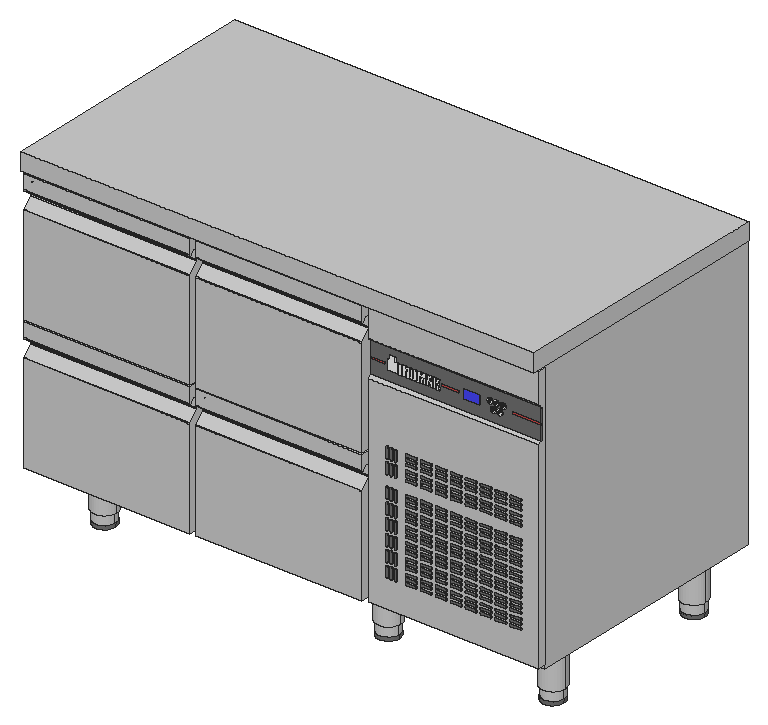
Revit family "QF_INOMAK_PNRP99_250611032759", category Specialty Equipment, Revit 2021 (continued)
Definition of nested family "QF_INOMAK_REF_COUNTERS_1345_2920"
  Definition of nested family "QF_INOMAK_CONRTOL-PANEL"
    Forms (mm)
      Extrusion 1, solid
        sketch origin (-2240, -700, 0) x (-1, 0, 0) y (0, 0, 1)
          loop
            line (-1933.4, 210.855) -> (-1957.4, 210.855)
          loop
            arc (-1918.4, 210.855) -> (-1921.4, 207.855) -> (-1918.4, 204.855) r 3
            line (-1918.4, 204.855) -> (-1894.4, 204.855)
            arc (-1894.4, 204.855) -> (-1891.4, 207.855) -> (-1894.4, 210.855) r 3
            line (-1894.4, 210.855) -> (-1918.4, 210.855)
          loop
            arc (-2191.4, 199.855) -> (-2194.4, 196.855) -> (-2191.4, 193.855) r 3
            line (-2191.4, 193.855) -> (-2167.4, 193.855)
            arc (-2167.4, 193.855) -> (-2164.4, 196.855) -> (-2167.4, 199.855) r 3
            line (-2167.4, 199.855) -> (-2191.4, 199.855)
          loop
            arc (-2152.4, 199.855) -> (-2155.4, 196.855) -> (-2152.4, 193.855) r 3
            line (-2152.4, 193.855) -> (-2128.4, 193.855)
            arc (-2128.4, 193.855) -> (-2125.4, 196.855) -> (-2128.4, 199.855) r 3
            line (-2128.4, 199.855) -> (-2152.4, 199.855)
          loop
            arc (-2113.4, 199.855) -> (-2116.4, 196.855) -> (-2113.4, 193.855) r 3
            line (-2113.4, 193.855) -> (-2089.4, 193.855)
            arc (-2089.4, 193.855) -> (-2086.4, 196.855) -> (-2089.4, 199.855) r 3
            line (-2089.4, 199.855) -> (-2113.4, 199.855)
          loop
            arc (-2074.4, 199.855) -> (-2077.4, 196.855) -> (-2074.4, 193.855) r 3
            line (-2074.4, 193.855) -> (-2050.4, 193.855)
            arc (-2050.4, 193.855) -> (-2047.4, 196.855) -> (-2050.4, 199.855) r 3
            line (-2050.4, 199.855) -> (-2074.4, 199.855)
          loop
            arc (-2035.4, 199.855) -> (-2038.4, 196.855) -> (-2035.4, 193.855) r 3
            line (-2035.4, 193.855) -> (-2011.4, 193.855)
            arc (-2011.4, 193.855) -> (-2008.4, 196.855) -> (-2011.4, 199.855) r 3
            line (-2011.4, 199.855) -> (-2035.4, 199.855)
          loop
            arc (-1996.4, 199.855) -> (-1999.4, 196.855) -> (-1996.4, 193.855) r 3
            line (-1996.4, 193.855) -> (-1972.4, 193.855)
            arc (-1972.4, 193.855) -> (-1969.4, 196.855) -> (-1972.4, 199.855) r 3
            line (-1972.4, 199.855) -> (-1996.4, 199.855)
          loop
            arc (-1957.4, 199.855) -> (-1960.4, 196.855) -> (-1957.4, 193.855) r 3
            line (-1957.4, 193.855) -> (-1933.4, 193.855)
            arc (-1933.4, 193.855) -> (-1930.4, 196.855) -> (-1933.4, 199.855) r 3
            line (-1933.4, 199.855) -> (-1957.4, 199.855)
          loop
            arc (-1918.4, 199.855) -> (-1921.4, 196.855) -> (-1918.4, 193.855) r 3
            line (-1918.4, 193.855) -> (-1894.4, 193.855)
            arc (-1894.4, 193.855) -> (-1891.4, 196.855) -> (-1894.4, 199.855) r 3
            line (-1894.4, 199.855) -> (-1918.4, 199.855)
          loop
            arc (-2191.4, 184.855) -> (-2194.4, 181.855) -> (-2191.4, 178.855) r 3
            line (-2191.4, 178.855) -> (-2167.4, 178.855)
            arc (-2167.4, 178.855) -> (-2164.4, 181.855) -> (-2167.4, 184.855) r 3
            line (-2167.4, 184.855) -> (-2191.4, 184.855)
          loop
            arc (-2152.4, 184.855) -> (-2155.4, 181.855) -> (-2152.4, 178.855) r 3
            line (-2152.4, 178.855) -> (-2128.4, 178.855)
            arc (-2128.4, 178.855) -> (-2125.4, 181.855) -> (-2128.4, 184.855) r 3
            line (-2128.4, 184.855) -> (-2152.4, 184.855)
          loop
            arc (-2113.4, 184.855) -> (-2116.4, 181.855) -> (-2113.4, 178.855) r 3
            line (-2113.4, 178.855) -> (-2089.4, 178.855)
            arc (-2089.4, 178.855) -> (-2086.4, 181.855) -> (-2089.4, 184.855) r 3
            line (-2089.4, 184.855) -> (-2113.4, 184.855)
          loop
            arc (-2074.4, 184.855) -> (-2077.4, 181.855) -> (-2074.4, 178.855) r 3
            line (-2074.4, 178.855) -> (-2050.4, 178.855)
            arc (-2050.4, 178.855) -> (-2047.4, 181.855) -> (-2050.4, 184.855) r 3
            line (-2050.4, 184.855) -> (-2074.4, 184.855)
          loop
            arc (-2035.4, 184.855) -> (-2038.4, 181.855) -> (-2035.4, 178.855) r 3
            line (-2035.4, 178.855) -> (-2011.4, 178.855)
            arc (-2011.4, 178.855) -> (-2008.4, 181.855) -> (-2011.4, 184.855) r 3
            line (-2011.4, 184.855) -> (-2035.4, 184.855)
          loop
            arc (-1996.4, 184.855) -> (-1999.4, 181.855) -> (-1996.4, 178.855) r 3
            line (-1996.4, 178.855) -> (-1972.4, 178.855)
            arc (-1972.4, 178.855) -> (-1969.4, 181.855) -> (-1972.4, 184.855) r 3
            line (-1972.4, 184.855) -> (-1996.4, 184.855)
          loop
            arc (-1957.4, 184.855) -> (-1960.4, 181.855) -> (-1957.4, 178.855) r 3
            line (-1957.4, 178.855) -> (-1933.4, 178.855)
            arc (-1933.4, 178.855) -> (-1930.4, 181.855) -> (-1933.4, 184.855) r 3
            line (-1933.4, 184.855) -> (-1957.4, 184.855)
          loop
            arc (-1918.4, 184.855) -> (-1921.4, 181.855) -> (-1918.4, 178.855) r 3
            line (-1918.4, 178.855) -> (-1894.4, 178.855)
            arc (-1894.4, 178.855) -> (-1891.4, 181.855) -> (-1894.4, 184.855) r 3
            line (-1894.4, 184.855) -> (-1918.4, 184.855)
          loop
            arc (-2191.4, 173.855) -> (-2194.4, 170.855) -> (-2191.4, 167.855) r 3
            line (-2191.4, 167.855) -> (-2167.4, 167.855)
            arc (-2167.4, 167.855) -> (-2164.4, 170.855) -> (-2167.4, 173.855) r 3
            line (-2167.4, 173.855) -> (-2191.4, 173.855)
          loop
            arc (-2152.4, 173.855) -> (-2155.4, 170.855) -> (-2152.4, 167.855) r 3
            line (-2152.4, 167.855) -> (-2128.4, 167.855)
            arc (-2128.4, 167.855) -> (-2125.4, 170.855) -> (-2128.4, 173.855) r 3
            line (-2128.4, 173.855) -> (-2152.4, 173.855)
          loop
            arc (-2113.4, 173.855) -> (-2116.4, 170.855) -> (-2113.4, 167.855) r 3
            line (-2113.4, 167.855) -> (-2089.4, 167.855)
            arc (-2089.4, 167.855) -> (-2086.4, 170.855) -> (-2089.4, 173.855) r 3
            line (-2089.4, 173.855) -> (-2113.4, 173.855)
          loop
            arc (-2074.4, 173.855) -> (-2077.4, 170.855) -> (-2074.4, 167.855) r 3
            line (-2074.4, 167.855) -> (-2050.4, 167.855)
            arc (-2050.4, 167.855) -> (-2047.4, 170.855) -> (-2050.4, 173.855) r 3
            line (-2050.4, 173.855) -> (-2074.4, 173.855)
          loop
            arc (-2035.4, 173.855) -> (-2038.4, 170.855) -> (-2035.4, 167.855) r 3
            line (-2035.4, 167.855) -> (-2011.4, 167.855)
            arc (-2011.4, 167.855) -> (-2008.4, 170.855) -> (-2011.4, 173.855) r 3
            line (-2011.4, 173.855) -> (-2035.4, 173.855)
          loop
            arc (-1996.4, 173.855) -> (-1999.4, 170.855) -> (-1996.4, 167.855) r 3
            line (-1996.4, 167.855) -> (-1972.4, 167.855)
            arc (-1972.4, 167.855) -> (-1969.4, 170.855) -> (-1972.4, 173.855) r 3
            line (-1972.4, 173.855) -> (-1996.4, 173.855)
          loop
            arc (-1957.4, 173.855) -> (-1960.4, 170.855) -> (-1957.4, 167.855) r 3
            line (-1957.4, 167.855) -> (-1933.4, 167.855)
            arc (-1933.4, 167.855) -> (-1930.4, 170.855) -> (-1933.4, 173.855) r 3
            line (-1933.4, 173.855) -> (-1957.4, 173.855)
          loop
            arc (-1918.4, 173.855) -> (-1921.4, 170.855) -> (-1918.4, 167.855) r 3
            line (-1918.4, 167.855) -> (-1894.4, 167.855)
            arc (-1894.4, 167.855) -> (-1891.4, 170.855) -> (-1894.4, 173.855) r 3
            line (-1894.4, 173.855) -> (-1918.4, 173.855)
          loop
            arc (-2191.4, 162.855) -> (-2194.4, 159.855) -> (-2191.4, 156.855) r 3
            line (-2191.4, 156.855) -> (-2167.4, 156.855)
            arc (-2167.4, 156.855) -> (-2164.4, 159.855) -> (-2167.4, 162.855) r 3
            line (-2167.4, 162.855) -> (-2191.4, 162.855)
          loop
            arc (-2152.4, 162.855) -> (-2155.4, 159.855) -> (-2152.4, 156.855) r 3
            line (-2152.4, 156.855) -> (-2128.4, 156.855)
            arc (-2128.4, 156.855) -> (-2125.4, 159.855) -> (-2128.4, 162.855) r 3
            line (-2128.4, 162.855) -> (-2152.4, 162.855)
          loop
            arc (-2113.4, 162.855) -> (-2116.4, 159.855) -> (-2113.4, 156.855) r 3
            line (-2113.4, 156.855) -> (-2089.4, 156.855)
            arc (-2089.4, 156.855) -> (-2086.4, 159.855) -> (-2089.4, 162.855) r 3
            line (-2089.4, 162.855) -> (-2113.4, 162.855)
          loop
            arc (-2074.4, 162.855) -> (-2077.4, 159.855) -> (-2074.4, 156.855) r 3
            line (-2074.4, 156.855) -> (-2050.4, 156.855)
            arc (-2050.4, 156.855) -> (-2047.4, 159.855) -> (-2050.4, 162.855) r 3
            line (-2050.4, 162.855) -> (-2074.4, 162.855)
          loop
            arc (-2035.4, 162.855) -> (-2038.4, 159.855) -> (-2035.4, 156.855) r 3
            line (-2035.4, 156.855) -> (-2011.4, 156.855)
            arc (-2011.4, 156.855) -> (-2008.4, 159.855) -> (-2011.4, 162.855) r 3
            line (-2011.4, 162.855) -> (-2035.4, 162.855)
          loop
            arc (-1996.4, 162.855) -> (-1999.4, 159.855) -> (-1996.4, 156.855) r 3
            line (-1996.4, 156.855) -> (-1972.4, 156.855)
            arc (-1972.4, 156.855) -> (-1969.4, 159.855) -> (-1972.4, 162.855) r 3
            line (-1972.4, 162.855) -> (-1996.4, 162.855)
          loop
            arc (-1957.4, 162.855) -> (-1960.4, 159.855) -> (-1957.4, 156.855) r 3
            line (-1957.4, 156.855) -> (-1933.4, 156.855)
            arc (-1933.4, 156.855) -> (-1930.4, 159.855) -> (-1933.4, 162.855) r 3
            line (-1933.4, 162.855) -> (-1957.4, 162.855)
          loop
            arc (-1918.4, 162.855) -> (-1921.4, 159.855) -> (-1918.4, 156.855) r 3
            line (-1918.4, 156.855) -> (-1894.4, 156.855)
            arc (-1894.4, 156.855) -> (-1891.4, 159.855) -> (-1894.4, 162.855) r 3
            line (-1894.4, 162.855) -> (-1918.4, 162.855)
          loop
            arc (-2191.4, 147.855) -> (-2194.4, 144.855) -> (-2191.4, 141.855) r 3
            line (-2191.4, 141.855) -> (-2167.4, 141.855)
            arc (-2167.4, 141.855) -> (-2164.4, 144.855) -> (-2167.4, 147.855) r 3
            line (-2167.4, 147.855) -> (-2191.4, 147.855)
          loop
            arc (-2152.4, 147.855) -> (-2155.4, 144.855) -> (-2152.4, 141.855) r 3
            line (-2152.4, 141.855) -> (-2128.4, 141.855)
            arc (-2128.4, 141.855) -> (-2125.4, 144.855) -> (-2128.4, 147.855) r 3
            line (-2128.4, 147.855) -> (-2152.4, 147.855)
          loop
            arc (-2113.4, 147.855) -> (-2116.4, 144.855) -> (-2113.4, 141.855) r 3
            line (-2113.4, 141.855) -> (-2089.4, 141.855)
            arc (-2089.4, 141.855) -> (-2086.4, 144.855) -> (-2089.4, 147.855) r 3
            line (-2089.4, 147.855) -> (-2113.4, 147.855)
          loop
            arc (-2074.4, 147.855) -> (-2077.4, 144.855) -> (-2074.4, 141.855) r 3
            line (-2074.4, 141.855) -> (-2050.4, 141.855)
            arc (-2050.4, 141.855) -> (-2047.4, 144.855) -> (-2050.4, 147.855) r 3
            line (-2050.4, 147.855) -> (-2074.4, 147.855)
          loop
            arc (-2035.4, 147.855) -> (-2038.4, 144.855) -> (-2035.4, 141.855) r 3
            line (-2035.4, 141.855) -> (-2011.4, 141.855)
            arc (-2011.4, 141.855) -> (-2008.4, 144.855) -> (-2011.4, 147.855) r 3
            line (-2011.4, 147.855) -> (-2035.4, 147.855)
          loop
            arc (-1996.4, 147.855) -> (-1999.4, 144.855) -> (-1996.4, 141.855) r 3
            line (-1996.4, 141.855) -> (-1972.4, 141.855)
            arc (-1972.4, 141.855) -> (-1969.4, 144.855) -> (-1972.4, 147.855) r 3
            line (-1972.4, 147.855) -> (-1996.4, 147.855)
          loop
            arc (-1957.4, 147.855) -> (-1960.4, 144.855) -> (-1957.4, 141.855) r 3
            line (-1957.4, 141.855) -> (-1933.4, 141.855)
            arc (-1933.4, 141.855) -> (-1930.4, 144.855) -> (-1933.4, 147.855) r 3
            line (-1933.4, 147.855) -> (-1957.4, 147.855)
          loop
            arc (-1918.4, 147.855) -> (-1921.4, 144.855) -> (-1918.4, 141.855) r 3
            line (-1918.4, 141.855) -> (-1894.4, 141.855)
            arc (-1894.4, 141.855) -> (-1891.4, 144.855) -> (-1894.4, 147.855) r 3
            line (-1894.4, 147.855) -> (-1918.4, 147.855)
          loop
            arc (-2191.4, 136.855) -> (-2194.4, 133.855) -> (-2191.4, 130.855) r 3
            line (-2191.4, 130.855) -> (-2167.4, 130.855)
            arc (-2167.4, 130.855) -> (-2164.4, 133.855) -> (-2167.4, 136.855) r 3
            line (-2167.4, 136.855) -> (-2191.4, 136.855)
          loop
            arc (-2152.4, 136.855) -> (-2155.4, 133.855) -> (-2152.4, 130.855) r 3
            line (-2152.4, 130.855) -> (-2128.4, 130.855)
            arc (-2128.4, 130.855) -> (-2125.4, 133.855) -> (-2128.4, 136.855) r 3
            line (-2128.4, 136.855) -> (-2152.4, 136.855)
          loop
            arc (-2113.4, 136.855) -> (-2116.4, 133.855) -> (-2113.4, 130.855) r 3
            line (-2113.4, 130.855) -> (-2089.4, 130.855)
            arc (-2089.4, 130.855) -> (-2086.4, 133.855) -> (-2089.4, 136.855) r 3
            line (-2089.4, 136.855) -> (-2113.4, 136.855)
          loop
            arc (-2074.4, 136.855) -> (-2077.4, 133.855) -> (-2074.4, 130.855) r 3
            line (-2074.4, 130.855) -> (-2050.4, 130.855)
            arc (-2050.4, 130.855) -> (-2047.4, 133.855) -> (-2050.4, 136.855) r 3
            line (-2050.4, 136.855) -> (-2074.4, 136.855)
          loop
            arc (-2035.4, 136.855) -> (-2038.4, 133.855) -> (-2035.4, 130.855) r 3
            line (-2035.4, 130.855) -> (-2011.4, 130.855)
            arc (-2011.4, 130.855) -> (-2008.4, 133.855) -> (-2011.4, 136.855) r 3
            line (-2011.4, 136.855) -> (-2035.4, 136.855)
          loop
            arc (-1996.4, 136.855) -> (-1999.4, 133.855) -> (-1996.4, 130.855) r 3
            line (-1996.4, 130.855) -> (-1972.4, 130.855)
            arc (-1972.4, 130.855) -> (-1969.4, 133.855) -> (-1972.4, 136.855) r 3
            line (-1972.4, 136.855) -> (-1996.4, 136.855)
          loop
            arc (-1957.4, 136.855) -> (-1960.4, 133.855) -> (-1957.4, 130.855) r 3
            line (-1957.4, 130.855) -> (-1933.4, 130.855)
            arc (-1933.4, 130.855) -> (-1930.4, 133.855) -> (-1933.4, 136.855) r 3
            line (-1933.4, 136.855) -> (-1957.4, 136.855)
          loop
            arc (-1918.4, 136.855) -> (-1921.4, 133.855) -> (-1918.4, 130.855) r 3
            line (-1918.4, 130.855) -> (-1894.4, 130.855)
            arc (-1894.4, 130.855) -> (-1891.4, 133.855) -> (-1894.4, 136.855) r 3
            line (-1894.4, 136.855) -> (-1918.4, 136.855)
          loop
            arc (-2191.4, 125.855) -> (-2194.4, 122.855) -> (-2191.4, 119.855) r 3
            line (-2191.4, 119.855) -> (-2167.4, 119.855)
            arc (-2167.4, 119.855) -> (-2164.4, 122.855) -> (-2167.4, 125.855) r 3
            line (-2167.4, 125.855) -> (-2191.4, 125.855)
          loop
            arc (-2152.4, 125.855) -> (-2155.4, 122.855) -> (-2152.4, 119.855) r 3
            line (-2152.4, 119.855) -> (-2128.4, 119.855)
            arc (-2128.4, 119.855) -> (-2125.4, 122.855) -> (-2128.4, 125.855) r 3
            line (-2128.4, 125.855) -> (-2152.4, 125.855)
          loop
            arc (-2113.4, 125.855) -> (-2116.4, 122.855) -> (-2113.4, 119.855) r 3
            line (-2113.4, 119.855) -> (-2089.4, 119.855)
            arc (-2089.4, 119.855) -> (-2086.4, 122.855) -> (-2089.4, 125.855) r 3
            line (-2089.4, 125.855) -> (-2113.4, 125.855)
          loop
            arc (-2074.4, 125.855) -> (-2077.4, 122.855) -> (-2074.4, 119.855) r 3
            line (-2074.4, 119.855) -> (-2050.4, 119.855)
            arc (-2050.4, 119.855) -> (-2047.4, 122.855) -> (-2050.4, 125.855) r 3
            line (-2050.4, 125.855) -> (-2074.4, 125.855)
          loop
            arc (-2035.4, 125.855) -> (-2038.4, 122.855) -> (-2035.4, 119.855) r 3
            line (-2035.4, 119.855) -> (-2011.4, 119.855)
            arc (-2011.4, 119.855) -> (-2008.4, 122.855) -> (-2011.4, 125.855) r 3
            line (-2011.4, 125.855) -> (-2035.4, 125.855)
          loop
            arc (-1996.4, 125.855) -> (-1999.4, 122.855) -> (-1996.4, 119.855) r 3
            line (-1996.4, 119.855) -> (-1972.4, 119.855)
            arc (-1972.4, 119.855) -> (-1969.4, 122.855) -> (-1972.4, 125.855) r 3
            line (-1972.4, 125.855) -> (-1996.4, 125.855)
          loop
            arc (-1957.4, 125.855) -> (-1960.4, 122.855) -> (-1957.4, 119.855) r 3
            line (-1957.4, 119.855) -> (-1933.4, 119.855)
            arc (-1933.4, 119.855) -> (-1930.4, 122.855) -> (-1933.4, 125.855) r 3
            line (-1933.4, 125.855) -> (-1957.4, 125.855)
          loop
            arc (-1918.4, 125.855) -> (-1921.4, 122.855) -> (-1918.4, 119.855) r 3
            line (-1918.4, 119.855) -> (-1894.4, 119.855)
            arc (-1894.4, 119.855) -> (-1891.4, 122.855) -> (-1894.4, 125.855) r 3
            line (-1894.4, 125.855) -> (-1918.4, 125.855)
          loop
            arc (-2191.4, 110.855) -> (-2194.4, 107.855) -> (-2191.4, 104.855) r 3
            line (-2191.4, 104.855) -> (-2167.4, 104.855)
            arc (-2167.4, 104.855) -> (-2164.4, 107.855) -> (-2167.4, 110.855) r 3
            line (-2167.4, 110.855) -> (-2191.4, 110.855)
          loop
            arc (-2152.4, 110.855) -> (-2155.4, 107.855) -> (-2152.4, 104.855) r 3
            line (-2152.4, 104.855) -> (-2128.4, 104.855)
            arc (-2128.4, 104.855) -> (-2125.4, 107.855) -> (-2128.4, 110.855) r 3
            line (-2128.4, 110.855) -> (-2152.4, 110.855)
          loop
            arc (-2113.4, 110.855) -> (-2116.4, 107.855) -> (-2113.4, 104.855) r 3
            line (-2113.4, 104.855) -> (-2089.4, 104.855)
            arc (-2089.4, 104.855) -> (-2086.4, 107.855) -> (-2089.4, 110.855) r 3
            line (-2089.4, 110.855) -> (-2113.4, 110.855)
          loop
            arc (-2074.4, 110.855) -> (-2077.4, 107.855) -> (-2074.4, 104.855) r 3
            line (-2074.4, 104.855) -> (-2050.4, 104.855)
            arc (-2050.4, 104.855) -> (-2047.4, 107.855) -> (-2050.4, 110.855) r 3
            line (-2050.4, 110.855) -> (-2074.4, 110.855)
          loop
            arc (-2035.4, 110.855) -> (-2038.4, 107.855) -> (-2035.4, 104.855) r 3
            line (-2035.4, 104.855) -> (-2011.4, 104.855)
            arc (-2011.4, 104.855) -> (-2008.4, 107.855) -> (-2011.4, 110.855) r 3
            line (-2011.4, 110.855) -> (-2035.4, 110.855)
          loop
            arc (-1996.4, 110.855) -> (-1999.4, 107.855) -> (-1996.4, 104.855) r 3
            line (-1996.4, 104.855) -> (-1972.4, 104.855)
            arc (-1972.4, 104.855) -> (-1969.4, 107.855) -> (-1972.4, 110.855) r 3
            line (-1972.4, 110.855) -> (-1996.4, 110.855)
          loop
            arc (-1957.4, 110.855) -> (-1960.4, 107.855) -> (-1957.4, 104.855) r 3
            line (-1957.4, 104.855) -> (-1933.4, 104.855)
            arc (-1933.4, 104.855) -> (-1930.4, 107.855) -> (-1933.4, 110.855) r 3
            line (-1933.4, 110.855) -> (-1957.4, 110.855)
          loop
            arc (-1918.4, 110.855) -> (-1921.4, 107.855) -> (-1918.4, 104.855) r 3
            line (-1918.4, 104.855) -> (-1894.4, 104.855)
            arc (-1894.4, 104.855) -> (-1891.4, 107.855) -> (-1894.4, 110.855) r 3
            line (-1894.4, 110.855) -> (-1918.4, 110.855)
          loop
            arc (-2191.4, 99.855) -> (-2194.4, 96.855) -> (-2191.4, 93.855) r 3
            line (-2191.4, 93.855) -> (-2167.4, 93.855)
            arc (-2167.4, 93.855) -> (-2164.4, 96.855) -> (-2167.4, 99.855) r 3
            line (-2167.4, 99.855) -> (-2191.4, 99.855)
          loop
            arc (-2152.4, 99.855) -> (-2155.4, 96.855) -> (-2152.4, 93.855) r 3
            line (-2152.4, 93.855) -> (-2128.4, 93.855)
            arc (-2128.4, 93.855) -> (-2125.4, 96.855) -> (-2128.4, 99.855) r 3
            line (-2128.4, 99.855) -> (-2152.4, 99.855)
          loop
            arc (-2113.4, 99.855) -> (-2116.4, 96.855) -> (-2113.4, 93.855) r 3
            line (-2113.4, 93.855) -> (-2089.4, 93.855)
            arc (-2089.4, 93.855) -> (-2086.4, 96.855) -> (-2089.4, 99.855) r 3
            line (-2089.4, 99.855) -> (-2113.4, 99.855)
          loop
            arc (-2074.4, 99.855) -> (-2077.4, 96.855) -> (-2074.4, 93.855) r 3
            line (-2074.4, 93.855) -> (-2050.4, 93.855)
            arc (-2050.4, 93.855) -> (-2047.4, 96.855) -> (-2050.4, 99.855) r 3
            line (-2050.4, 99.855) -> (-2074.4, 99.855)
          loop
            arc (-2035.4, 99.855) -> (-2038.4, 96.855) -> (-2035.4, 93.855) r 3
            line (-2035.4, 93.855) -> (-2011.4, 93.855)
            arc (-2011.4, 93.855) -> (-2008.4, 96.855) -> (-2011.4, 99.855) r 3
            line (-2011.4, 99.855) -> (-2035.4, 99.855)
          loop
            arc (-1996.4, 99.855) -> (-1999.4, 96.855) -> (-1996.4, 93.855) r 3
            line (-1996.4, 93.855) -> (-1972.4, 93.855)
            arc (-1972.4, 93.855) -> (-1969.4, 96.855) -> (-1972.4, 99.855) r 3
            line (-1972.4, 99.855) -> (-1996.4, 99.855)
          loop
            arc (-1957.4, 99.855) -> (-1960.4, 96.855) -> (-1957.4, 93.855) r 3
            line (-1957.4, 93.855) -> (-1933.4, 93.855)
            arc (-1933.4, 93.855) -> (-1930.4, 96.855) -> (-1933.4, 99.855) r 3
            line (-1933.4, 99.855) -> (-1957.4, 99.855)
          loop
            arc (-1918.4, 99.855) -> (-1921.4, 96.855) -> (-1918.4, 93.855) r 3
            line (-1918.4, 93.855) -> (-1894.4, 93.855)
            arc (-1894.4, 93.855) -> (-1891.4, 96.855) -> (-1894.4, 99.855) r 3
            line (-1894.4, 99.855) -> (-1918.4, 99.855)
          loop
            arc (-2191.4, 88.855) -> (-2194.4, 85.855) -> (-2191.4, 82.855) r 3
            line (-2191.4, 82.855) -> (-2167.4, 82.855)
            arc (-2167.4, 82.855) -> (-2164.4, 85.855) -> (-2167.4, 88.855) r 3
            line (-2167.4, 88.855) -> (-2191.4, 88.855)
          loop
            arc (-2152.4, 88.855) -> (-2155.4, 85.855) -> (-2152.4, 82.855) r 3
            line (-2152.4, 82.855) -> (-2128.4, 82.855)
            arc (-2128.4, 82.855) -> (-2125.4, 85.855) -> (-2128.4, 88.855) r 3
            line (-2128.4, 88.855) -> (-2152.4, 88.855)
          loop
            arc (-2113.4, 88.855) -> (-2116.4, 85.855) -> (-2113.4, 82.855) r 3
            line (-2113.4, 82.855) -> (-2089.4, 82.855)
            arc (-2089.4, 82.855) -> (-2086.4, 85.855) -> (-2089.4, 88.855) r 3
            line (-2089.4, 88.855) -> (-2113.4, 88.855)
          loop
            arc (-2074.4, 88.855) -> (-2077.4, 85.855) -> (-2074.4, 82.855) r 3
            line (-2074.4, 82.855) -> (-2050.4, 82.855)
            arc (-2050.4, 82.855) -> (-2047.4, 85.855) -> (-2050.4, 88.855) r 3
            line (-2050.4, 88.855) -> (-2074.4, 88.855)
          loop
            arc (-2035.4, 88.855) -> (-2038.4, 85.855) -> (-2035.4, 82.855) r 3
            line (-2035.4, 82.855) -> (-2011.4, 82.855)
            arc (-2011.4, 82.855) -> (-2008.4, 85.855) -> (-2011.4, 88.855) r 3
            line (-2011.4, 88.855) -> (-2035.4, 88.855)
          loop
            arc (-1996.4, 88.855) -> (-1999.4, 85.855) -> (-1996.4, 82.855) r 3
            line (-1996.4, 82.855) -> (-1972.4, 82.855)
            arc (-1972.4, 82.855) -> (-1969.4, 85.855) -> (-1972.4, 88.855) r 3
            line (-1972.4, 88.855) -> (-1996.4, 88.855)
          loop
            arc (-1957.4, 88.855) -> (-1960.4, 85.855) -> (-1957.4, 82.855) r 3
            line (-1957.4, 82.855) -> (-1933.4, 82.855)
            arc (-1933.4, 82.855) -> (-1930.4, 85.855) -> (-1933.4, 88.855) r 3
            line (-1933.4, 88.855) -> (-1957.4, 88.855)
          loop
            arc (-1918.4, 88.855) -> (-1921.4, 85.855) -> (-1918.4, 82.855) r 3
            line (-1918.4, 82.855) -> (-1894.4, 82.855)
            arc (-1894.4, 82.855) -> (-1891.4, 85.855) -> (-1894.4, 88.855) r 3
            line (-1894.4, 88.855) -> (-1918.4, 88.855)
          loop
            arc (-1840.4, 387.855) -> (-1843.4, 390.855) -> (-1846.4, 387.855) r 3
            line (-1846.4, 387.855) -> (-1846.4, 363.855)
            arc (-1846.4, 363.855) -> (-1843.4, 360.855) -> (-1840.4, 363.855) r 3
            line (-1840.4, 363.855) -> (-1840.4, 387.855)
          loop
            arc (-1851.4, 387.855) -> (-1854.4, 390.855) -> (-1857.4, 387.855) r 3
            line (-1857.4, 387.855) -> (-1857.4, 363.855)
            arc (-1857.4, 363.855) -> (-1854.4, 360.855) -> (-1851.4, 363.855) r 3
            line (-1851.4, 363.855) -> (-1851.4, 387.855)
          loop
            arc (-1862.4, 387.855) -> (-1865.4, 390.855) -> (-1868.4, 387.855) r 3
            line (-1868.4, 387.855) -> (-1868.4, 363.855)
            arc (-1868.4, 363.855) -> (-1865.4, 360.855) -> (-1862.4, 363.855) r 3
            line (-1862.4, 363.855) -> (-1862.4, 387.855)
          loop
            arc (-1840.4, 350.855) -> (-1843.4, 353.855) -> (-1846.4, 350.855) r 3
            line (-1846.4, 350.855) -> (-1846.4, 326.855)
            arc (-1846.4, 326.855) -> (-1843.4, 323.855) -> (-1840.4, 326.855) r 3
            line (-1840.4, 326.855) -> (-1840.4, 350.855)
          loop
            arc (-1851.4, 350.855) -> (-1854.4, 353.855) -> (-1857.4, 350.855) r 3
            line (-1857.4, 350.855) -> (-1857.4, 326.855)
            arc (-1857.4, 326.855) -> (-1854.4, 323.855) -> (-1851.4, 326.855) r 3
            line (-1851.4, 326.855) -> (-1851.4, 350.855)
          loop
            arc (-1862.4, 350.855) -> (-1865.4, 353.855) -> (-1868.4, 350.855) r 3
            line (-1868.4, 350.855) -> (-1868.4, 326.855)
            arc (-1868.4, 326.855) -> (-1865.4, 323.855) -> (-1862.4, 326.855) r 3
            line (-1862.4, 326.855) -> (-1862.4, 350.855)
          loop
            arc (-1840.4, 293.855) -> (-1843.4, 296.855) -> (-1846.4, 293.855) r 3
            line (-1846.4, 293.855) -> (-1846.4, 269.855)
            arc (-1846.4, 269.855) -> (-1843.4, 266.855) -> (-1840.4, 269.855) r 3
            line (-1840.4, 269.855) -> (-1840.4, 293.855)
          loop
            arc (-1851.4, 293.855) -> (-1854.4, 296.855) -> (-1857.4, 293.855) r 3
            line (-1857.4, 293.855) -> (-1857.4, 269.855)
            arc (-1857.4, 269.855) -> (-1854.4, 266.855) -> (-1851.4, 269.855) r 3
            line (-1851.4, 269.855) -> (-1851.4, 293.855)
          loop
            arc (-1862.4, 293.855) -> (-1865.4, 296.855) -> (-1868.4, 293.855) r 3
            line (-1868.4, 293.855) -> (-1868.4, 269.855)
            arc (-1868.4, 269.855) -> (-1865.4, 266.855) -> (-1862.4, 269.855) r 3
            line (-1862.4, 269.855) -> (-1862.4, 293.855)
          loop
            arc (-1840.4, 256.855) -> (-1843.4, 259.855) -> (-1846.4, 256.855) r 3
            line (-1846.4, 256.855) -> (-1846.4, 232.855)
            arc (-1846.4, 232.855) -> (-1843.4, 229.855) -> (-1840.4, 232.855) r 3
            line (-1840.4, 232.855) -> (-1840.4, 256.855)
          loop
            arc (-1851.4, 256.855) -> (-1854.4, 259.855) -> (-1857.4, 256.855) r 3
            line (-1857.4, 256.855) -> (-1857.4, 232.855)
            arc (-1857.4, 232.855) -> (-1854.4, 229.855) -> (-1851.4, 232.855) r 3
            line (-1851.4, 232.855) -> (-1851.4, 256.855)
          loop
            arc (-1862.4, 256.855) -> (-1865.4, 259.855) -> (-1868.4, 256.855) r 3
            line (-1868.4, 256.855) -> (-1868.4, 232.855)
            arc (-1868.4, 232.855) -> (-1865.4, 229.855) -> (-1862.4, 232.855) r 3
            line (-1862.4, 232.855) -> (-1862.4, 256.855)
          loop
            arc (-1840.4, 219.855) -> (-1843.4, 222.855) -> (-1846.4, 219.855) r 3
            line (-1846.4, 219.855) -> (-1846.4, 195.855)
            arc (-1846.4, 195.855) -> (-1843.4, 192.855) -> (-1840.4, 195.855) r 3
            line (-1840.4, 195.855) -> (-1840.4, 219.855)
          loop
            arc (-1851.4, 219.855) -> (-1854.4, 222.855) -> (-1857.4, 219.855) r 3
            line (-1857.4, 219.855) -> (-1857.4, 195.855)
            arc (-1857.4, 195.855) -> (-1854.4, 192.855) -> (-1851.4, 195.855) r 3
            line (-1851.4, 195.855) -> (-1851.4, 219.855)
          loop
            arc (-1862.4, 219.855) -> (-1865.4, 222.855) -> (-1868.4, 219.855) r 3
            line (-1868.4, 219.855) -> (-1868.4, 195.855)
            arc (-1868.4, 195.855) -> (-1865.4, 192.855) -> (-1862.4, 195.855) r 3
            line (-1862.4, 195.855) -> (-1862.4, 219.855)
          loop
            arc (-1840.4, 182.855) -> (-1843.4, 185.855) -> (-1846.4, 182.855) r 3
            line (-1846.4, 182.855) -> (-1846.4, 158.855)
            arc (-1846.4, 158.855) -> (-1843.4, 155.855) -> (-1840.4, 158.855) r 3
            line (-1840.4, 158.855) -> (-1840.4, 182.855)
          loop
            arc (-1851.4, 182.855) -> (-1854.4, 185.855) -> (-1857.4, 182.855) r 3
            line (-1857.4, 182.855) -> (-1857.4, 158.855)
            arc (-1857.4, 158.855) -> (-1854.4, 155.855) -> (-1851.4, 158.855) r 3
            line (-1851.4, 158.855) -> (-1851.4, 182.855)
          loop
            arc (-1862.4, 182.855) -> (-1865.4, 185.855) -> (-1868.4, 182.855) r 3
            line (-1868.4, 182.855) -> (-1868.4, 158.855)
            arc (-1868.4, 158.855) -> (-1865.4, 155.855) -> (-1862.4, 158.855) r 3
            line (-1862.4, 158.855) -> (-1862.4, 182.855)
          loop
            arc (-1840.4, 145.855) -> (-1843.4, 148.855) -> (-1846.4, 145.855) r 3
            line (-1846.4, 145.855) -> (-1846.4, 121.855)
            arc (-1846.4, 121.855) -> (-1843.4, 118.855) -> (-1840.4, 121.855) r 3
            line (-1840.4, 121.855) -> (-1840.4, 145.855)
          loop
            arc (-1851.4, 145.855) -> (-1854.4, 148.855) -> (-1857.4, 145.855) r 3
            line (-1857.4, 145.855) -> (-1857.4, 121.855)
            arc (-1857.4, 121.855) -> (-1854.4, 118.855) -> (-1851.4, 121.855) r 3
            line (-1851.4, 121.855) -> (-1851.4, 145.855)
          loop
            arc (-1862.4, 145.855) -> (-1865.4, 148.855) -> (-1868.4, 145.855) r 3
            line (-1868.4, 145.855) -> (-1868.4, 121.855)
            arc (-1868.4, 121.855) -> (-1865.4, 118.855) -> (-1862.4, 121.855) r 3
            line (-1862.4, 121.855) -> (-1862.4, 145.855)
          loop
            arc (-1840.4, 108.855) -> (-1843.4, 111.855) -> (-1846.4, 108.855) r 3
            line (-1846.4, 108.855) -> (-1846.4, 84.855)
            arc (-1846.4, 84.855) -> (-1843.4, 81.855) -> (-1840.4, 84.855) r 3
            line (-1840.4, 84.855) -> (-1840.4, 108.855)
          loop
            arc (-1851.4, 108.855) -> (-1854.4, 111.855) -> (-1857.4, 108.855) r 3
            line (-1857.4, 108.855) -> (-1857.4, 84.855)
            arc (-1857.4, 84.855) -> (-1854.4, 81.855) -> (-1851.4, 84.855) r 3
            line (-1851.4, 84.855) -> (-1851.4, 108.855)
          loop
            arc (-1862.4, 108.855) -> (-1865.4, 111.855) -> (-1868.4, 108.855) r 3
            line (-1868.4, 108.855) -> (-1868.4, 84.855)
            arc (-1868.4, 84.855) -> (-1865.4, 81.855) -> (-1862.4, 84.855) r 3
            line (-1862.4, 84.855) -> (-1862.4, 108.855)
        from 16.5 to 19
    Dimensions and locks
      "Length": plane 3 "Left" to plane 4 "Right"
      "Depth": plane 5 "Front" to plane 1 "Back"
      "Front offset": plane 7 "Front offset" to plane 5 "Front"
      "Height": plane 6 "Top" to plane 2
      aligned and locked: level to plane 2
    Automatic sketch dimensions
      plane 4 "Right" to Extrusion 1 sketch curve = 48.6 mm  (x3)
      Extrusion 1 sketch curve to Extrusion 1 sketch curve = 0 mm  (x322)
      Extrusion 1 sketch curve to Extrusion 1 sketch curve = 24 mm  (x53)
      Extrusion 1 sketch curve to Extrusion 1 sketch curve = 15 mm  (x52)
      Extrusion 1 sketch curve to Extrusion 1 sketch curve = 26 mm  (x7)
      Extrusion 1 sketch curve to Extrusion 1 sketch curve = 3 mm  (x216)
      Extrusion 1 sketch curve to Extrusion 1 sketch curve = 5 mm  (x144)
      level to Extrusion 1 sketch curve = 82.855 mm  (x2)
      Extrusion 1 sketch curve to Extrusion 1 sketch curve = 2 mm
      Extrusion 1 sketch curve to Extrusion 1 sketch curve = 9 mm  (x48)
      Extrusion 1 sketch curve to Extrusion 1 sketch curve = 13 mm  (x9)
      Extrusion 1 sketch curve to Extrusion 1 sketch curve = 29 mm  (x6)
      Extrusion 1 sketch curve to Extrusion 1 sketch curve = 33 mm
Definition of nested family "QF_INOMAK_REF_COUNTERS_DOORS_DRAWERS_6956"
  Parameters (values of type "DR-LX-710")
    Weight [instance] = 0.00 kg
    Warranty Start Date [instance] = ""
    Warranty Duration [instance] = ""
    URL Cutsheet [instance] = ""
    URL = "www.inomak.com"
    Top inset [instance] = 10 mm
    Technical Documentation [instance] = ""
    Tag Number [instance] = ""
    Status [instance] = ""
    Specification by User [instance] = ""
    Specification by Manufacturer [instance] = ""
    Sound Level [instance] = ""
    Solid Fuel Type [instance] = ""
    Show Logo [instance] = yes
    Show Clearances [instance] = yes
    Service Life Duration [instance] = ""
    Serial Number [instance] = ""
    Seismic Rating [instance] = ""
    SMACNA No [instance] = ""
    Right panel thickness [instance] = 0 mm
    Revision Code [instance] = ""
    Revision [instance] = ""
    Rear inset [instance] = 0 mm
    Production Year [instance] = ""
    Point Load [instance] = 0
    Plinth height [instance] = 0 mm
    Other Equipment Approvals [instance] = ""
    NAFEM Spec ID Number [instance] = ""
    Model Warning [instance] = ""
    Model = "DR-LX-710"
    Masterspec [instance] = ""
    Manufacturer = "INOMAK"
    Length Actual [instance] = 435 mm
    Left panel thickness [instance] = 0 mm
    Item Number [instance] = ""
    Installed By [instance] = ""
    Installation Date [instance] = ""
    Identify Quantity as Lot [instance] = yes
    ID [instance] = ""
    Hygiene Approval [instance] = ""
    Height Actual [instance] = 710 mm
    Furnished By [instance] = ""
    Front inset [instance] = 10 mm
    Foodservice Equipment Identifier [instance] = yes
    Finish [instance] = none
    ETL Approved [instance] = yes
    Doors drawers type [instance] = 8
    Description = "LEFT HINGED DOOR"
    Depth Actual [instance] = 700 mm
    Default Elevation = 0 mm
    CSI MasterFormat [instance] = ""
    CE Approved [instance] = yes
    Bottom inset [instance] = 10 mm
    Barcode [instance] = ""
    Author [instance] = ""
    Asset Identifier [instance] = ""
    Assembly Code = "E1090320"
    Accessory [instance] = yes
  Types (9, lengths in mm): name | Model | Height Actual | Doors drawers type | Description
    DW-2-710 | "DW-2-710" | 710 | 4 | "2 X GN 1/2 DRAWERS"
    DR-LX-710 | "DR-LX-710" | 710 | 8 | "LEFT HINGED DOOR"
    DR-RX-710 | "DR-RX-710" | 710 | 9 | "RIGHT HINGED DOOR"
    DW-3-710 | "DW-3-710" | 710 | 6 | "3 X GN 1/3 DRAWERS"
    DW-B-710 | "DW-B-710" | 710 | 5 | "1 X GN 1/3 & 1 X GN 2/3 DRAWERS"
    DW-2-483 | "DW-2-483" | 483 | 4 | "2 X GN 1/3 DRAWERS"
    DR-LX-483 | "DR-LX-483" | 483 | 8 | "LEFT HINGED DOOR"
    DR-RX-483 | "DR-RX-483" | 483 | 9 | "RIGHT HINGED DOOR"
    DW-1-483 | "DW-1-483" | 483 | 10 | "1 X GN 2/3 DRAWER"
  Reference planes
    plane 1 "Front": y = 0
    plane 2: z = 0
    plane 3 "Left": x = 0
    plane 4 "Right": x = 435
    plane 5 "Back": y = 700
    plane 6 "Top": z = 710
    plane 7 "Bottom shelf": z = 0
    plane 8: z = 700
    plane 9: z = 10
    plane 10: x = 0
    plane 11: x = 435
    plane 12 "Center Top Bottom": z = 355
  Lines and regions (mm)
    reference lines
      curve 1: line (0, 0, 355) -> (0, 25, 355)
      curve 2: line (435, 0, 355) -> (435, 25, 355)
      curve 3: line (0, 700, 355) -> (435, 700, 355)
      curve 4: line (0, 0, 355) -> (435, 0, 355)
  Dimensions and locks
    "Length Actual": plane 3 "Left" to plane 4 "Right"
    "Depth Actual": plane 1 "Front" to plane 5 "Back"
    "Height Actual": plane 6 "Top" to plane 7 "Bottom shelf"
    "Plinth height": plane 7 "Bottom shelf" to plane 2
    "Top inset": plane 6 "Top" to plane 8
    "Bottom inset": plane 9 to plane 7 "Bottom shelf"
    "Left panel thickness": plane 3 "Left" to plane 10
    "Right panel thickness": plane 11 to plane 4 "Right"
    equal spacing: plane 6 "Top", plane 12 "Center Top Bottom", plane 7 "Bottom shelf"
    "Length Actual": curve 1 to plane 4 "Right"
    "Length Actual": plane 3 "Left" to curve 2
    "Depth Actual": plane 1 "Front" to curve 3
    "Depth Actual": plane 5 "Back" to curve 4
    aligned and locked: level to plane 2
    aligned and locked: plane 3 "Left" to nested 1
    aligned and locked: plane 3 "Left" to nested 2
    aligned and locked: plane 3 "Left" to nested 3
    aligned and locked: plane 3 "Left" to nested 4
    aligned and locked: plane 3 "Left" to nested 5
    aligned and locked: plane 3 "Left" to nested 6
    aligned and locked: plane 3 "Left" to nested 7
    aligned and locked: plane 3 "Left" to nested 8
    aligned and locked: plane 3 "Left" to nested 9
    aligned and locked: nested 4 to plane 1 "Front"
    aligned and locked: nested 6 to plane 1 "Front"
    aligned and locked: nested 8 to plane 1 "Front"
    aligned and locked: nested 5 to plane 1 "Front"
    aligned and locked: nested 3 to plane 1 "Front"
    aligned and locked: nested 7 to plane 1 "Front"
    aligned and locked: nested 2 to plane 1 "Front"
    aligned and locked: nested 1 to plane 1 "Front"
    aligned and locked: nested 9 to plane 1 "Front"
  Automatic sketch dimensions
    curve 3 to plane 4 "Right" = 0 mm
    curve 3 to plane 3 "Left" = 0 mm
    curve 2 to curve 2 = 25 mm
    curve 1 to curve 1 = 25 mm
  Nested families
    nested 1: "Right_Door" at (0, 700, 0), Depth Actual <- "Depth Actual", Height Actual <- "Height Actual", Length Actual <- "Length Actual", Front inset <- "Front inset", Rear inset <- "Rear inset", Left panel thickness <- "Left panel thickness", Right panel thickness <- "Right panel thickness", Doors drawers type <- "Doors drawers type", Plinth height <- "Plinth height", Top inset <- "Top inset", Bottom inset <- "Bottom inset", type "Right door"
      with Top inset 10 mm, Right panel thickness 0 mm, Right hand hinged door no, Rear inset 0 mm, Plinth height 0 mm, Length Actual 435 mm, Left panel thickness 0 mm, Height Actual 710 mm, Front inset 10 mm, Doors drawers type 8, Depth Actual 700 mm, Bottom inset 10 mm
    nested 2: "Left_Door" at (0, 700, 0), Depth Actual <- "Depth Actual", Height Actual <- "Height Actual", Length Actual <- "Length Actual", Front inset <- "Front inset", Rear inset <- "Rear inset", Left panel thickness <- "Left panel thickness", Right panel thickness <- "Right panel thickness", Doors drawers type <- "Doors drawers type", Plinth height <- "Plinth height", Top inset <- "Top inset", Bottom inset <- "Bottom inset", type "Left door"
      with Top inset 10 mm, Right panel thickness 0 mm, Rear inset 0 mm, Plinth height 0 mm, Length Actual 435 mm, Left panel thickness 0 mm, Left hand hinged door yes, Height Actual 710 mm, Front inset 10 mm, Doors drawers type 8, Depth Actual 700 mm, Bottom inset 10 mm
    nested 3: "3_Drawers_1-3" at (0, 700, 0), Depth Actual <- "Depth Actual", Height Actual <- "Height Actual", Length Actual <- "Length Actual", Front inset <- "Front inset", Rear inset <- "Rear inset", Left panel thickness <- "Left panel thickness", Right panel thickness <- "Right panel thickness", Doors drawers type <- "Doors drawers type", Plinth height <- "Plinth height", Top inset <- "Top inset", Bottom inset <- "Bottom inset", type "3 Drawers 1-3"
      with Top inset 10 mm, Right panel thickness 0 mm, Rear inset 0 mm, Plinth height 0 mm, Length Actual 435 mm, Left panel thickness 0 mm, Height Actual 710 mm, Front inset 10 mm, Doors drawers type 8, Depth Actual 700 mm, Bottom inset 10 mm, 3 Drawers no
    nested 4: "2_Drawers_1-2" at (0, 700, 0), Depth Actual <- "Depth Actual", Height Actual <- "Height Actual", Length Actual <- "Length Actual", Front inset <- "Front inset", Rear inset <- "Rear inset", Left panel thickness <- "Left panel thickness", Right panel thickness <- "Right panel thickness", Doors drawers type <- "Doors drawers type", Plinth height <- "Plinth height", Top inset <- "Top inset", Bottom inset <- "Bottom inset", type "2 Drawers 1-2"
      with Top inset 10 mm, Right panel thickness 0 mm, Rear inset 0 mm, Plinth height 0 mm, Length Actual 435 mm, Left panel thickness 0 mm, Height Actual 710 mm, Front inset 10 mm, Doors drawers type 8, Depth Actual 700 mm, Bottom inset 10 mm, 2 Drawers no
    nested 5: "2_Drawers_1-3_2-3" at (0, 700, 0), Depth Actual <- "Depth Actual", Height Actual <- "Height Actual", Length Actual <- "Length Actual", Front inset <- "Front inset", Rear inset <- "Rear inset", Left panel thickness <- "Left panel thickness", Right panel thickness <- "Right panel thickness", Doors drawers type <- "Doors drawers type", Plinth height <- "Plinth height", Top inset <- "Top inset", Bottom inset <- "Bottom inset", type "2 Drawers 1-3 and 2-3"
      with Top inset 10 mm, Right panel thickness 0 mm, Rear inset 0 mm, Plinth height 0 mm, Length Actual 435 mm, Left panel thickness 0 mm, Height Actual 710 mm, Front inset 10 mm, Doors drawers type 8, Depth Actual 700 mm, Bottom inset 10 mm, 2 Drawers 1-3 and 2-3 no
    nested 6: "Sliding_Doors" at (0, 700, 0), Depth Actual <- "Depth Actual", Height Actual <- "Height Actual", Length Actual <- "Length Actual", Front inset <- "Front inset", Rear inset <- "Rear inset", Left panel thickness <- "Left panel thickness", Right panel thickness <- "Right panel thickness", Doors drawers type <- "Doors drawers type", Plinth height <- "Plinth height", Top inset <- "Top inset", Bottom inset <- "Bottom inset", Finish <- "Finish", type "Sliding doors"
      with Top inset 10 mm, Sliding doors no, Right panel thickness 0 mm, Rear inset 0 mm, Plinth height 0 mm, Length Actual 435 mm, Left panel thickness 0 mm, Height Actual 710 mm, Front inset 10 mm, Finish none, Doors drawers type 8, Depth Actual 700 mm, Bottom inset 10 mm
    nested 7: "4_Drawers_1-4" at (0, 700, 0), Depth Actual <- "Depth Actual", Height Actual <- "Height Actual", Length Actual <- "Length Actual", Front inset <- "Front inset", Rear inset <- "Rear inset", Left panel thickness <- "Left panel thickness", Right panel thickness <- "Right panel thickness", Doors drawers type <- "Doors drawers type", Plinth height <- "Plinth height", Top inset <- "Top inset", Bottom inset <- "Bottom inset", Finish <- "Finish", type "4 Drawers 1-4"
      with Top inset 10 mm, Right panel thickness 0 mm, Rear inset 0 mm, Plinth height 0 mm, Length Actual 435 mm, Left panel thickness 0 mm, Height Actual 710 mm, Front inset 10 mm, Finish none, Doors drawers type 8, Depth Actual 700 mm, Bottom inset 10 mm, 4 Drawers no
    nested 8: "Hinged_Doors" at (0, 700, 0), Length Actual <- "Length Actual", Depth Actual <- "Depth Actual", Height Actual <- "Height Actual", Front inset <- "Front inset", Rear inset <- "Rear inset", Left panel thickness <- "Left panel thickness", Right panel thickness <- "Right panel thickness", Doors drawers type <- "Doors drawers type", Plinth height <- "Plinth height", Top inset <- "Top inset", Bottom inset <- "Bottom inset", Finish <- "Finish", type "Hinged doors"
      with Top inset 10 mm, Right panel thickness 0 mm, Rear inset 0 mm, Plinth height 0 mm, Length Actual 435 mm, Left panel thickness 0 mm, Hinged doors no, Height Actual 710 mm, Front inset 10 mm, Finish none, Doors drawers type 8, Depth Actual 700 mm, Bottom inset 10 mm
    nested 9: "Hopper" at (0, 700, 1.284), Length Actual <- "Length Actual", Depth Actual <- "Depth Actual", Height Actual <- "Height Actual", Front inset <- "Front inset", Rear inset <- "Rear inset", Left panel thickness <- "Left panel thickness", Right panel thickness <- "Right panel thickness", Doors drawers type <- "Doors drawers type", Plinth height <- "Plinth height", Top inset <- "Top inset", Bottom inset <- "Bottom inset", Finish <- "Finish", type "Hopper"
      with Top inset 10 mm, Right panel thickness 0 mm, Rear inset 0 mm, Plinth height 0 mm, Length Actual 435 mm, Left panel thickness 0 mm, Hopper no, Height Actual 710 mm, Front inset 10 mm, Finish none, Doors drawers type 8, Depth Actual 700 mm, Bottom inset 10 mm
  Definition of nested family "Left_Door"
    Parameters (values of type "Left door")
      URL = "www.specifiglobal.com"
      Top inset [instance] = 10 mm
      Right panel thickness [instance] = 0 mm
      Rear inset [instance] = 0 mm
      Plinth height [instance] = 150 mm
      Model = ""
      Manufacturer = "DEMO CONSULTANT"
      Length Actual [instance] = 700 mm
      Left panel thickness [instance] = 0 mm
      Left hand hinged door [instance] = Doors drawers type = 8  # yes
      Height Actual [instance] = 710 mm
      Front inset [instance] = 10 mm
      Finish = none
      Doors drawers type [instance] = 8
      Description = ""
      Depth Actual [instance] = 700 mm
      Default Elevation = 0 mm
      Bottom inset [instance] = 0 mm
      Assembly Code = "E1090320"
    Reference planes
      plane 1 "Back": y = 0
      plane 2: z = 0
      plane 3 "Left": x = 0
      plane 4 "Right": x = 700
      plane 5 "Front": y = -700
      plane 6 "Top": z = 860
      plane 7 "Front legs": y = -690
      plane 8 "Legs top": z = 150
      plane 9 "Backsplash thickness": y = 0
      plane 10 "Left panel": x = 0
      plane 11 "Right panel": x = 700
      plane 12: z = 850
      plane 13: z = 150
    Forms (mm)
      Extrusion 1, solid, material <- "Finish", visible <- "Left hand hinged door"
        sketch origin (0, 0, 0) x (0, -1, 0) y (0, 0, 1)
          loop
            line (690, 150) -> (690, 764.365)
            arc (690, 764.365) -> (689.866, 765.037) -> (689.485, 765.607) r 1.757
            line (689.485, 765.607) -> (666.663, 788.429)
            arc (666.663, 788.429) -> (665.976, 789.458) -> (665.734, 790.672) r 3.172
            line (665.734, 790.672) -> (665.734, 817.576)
            arc (665.734, 817.576) -> (666.433, 819.262) -> (668.119, 819.961) r 2.385
            line (668.119, 819.961) -> (680.029, 819.961) -> (686.544, 810.657)
            arc (686.544, 810.657) -> (688.671, 809.935) -> (690, 811.747) r 1.9
            line (690, 811.747) -> (690, 850) -> (648, 850) -> (648, 150) -> (690, 150)
        from 0 to -700
      Extrusion 2, solid, visible <- "Left hand hinged door", detail levels coarse
        sketch origin (0, -700, 150) x (-1, 0, 0) y (0, 1, 0)
          loop
            arc (-700, 10) -> (-495.871, -481.066) -> (0, -673.23) r 677.11
            line (0, -673.23) -> (0, 10) -> (-700, 10)
        from 0 to -700
    Lines and regions (mm)
      symbolic lines, visible <- "Left hand hinged door"
        curve 1: line (0, -700, 150) -> (0, -1373.247, 150)
        curve 2: arc (0, -1373.247, 150) -> (492.316, -1184.595, 150) -> (700, -700, 150) r 676.963
    Dimensions and locks
      "Length Actual": plane 3 "Left" to plane 4 "Right"
      "Depth Actual": plane 5 "Front" to plane 1 "Back"
      "Height Actual": plane 6 "Top" to plane 8 "Legs top"
      "Front inset": plane 7 "Front legs" to plane 5 "Front"
      "Plinth height": plane 8 "Legs top" to plane 2
      "Rear inset": plane 9 "Backsplash thickness" to plane 1 "Back"
      "Right panel thickness": plane 11 "Right panel" to plane 4 "Right"
      "Left panel thickness": plane 3 "Left" to plane 10 "Left panel"
      "Top inset": plane 6 "Top" to plane 12
      "Bottom inset": plane 13 to plane 8 "Legs top"
      aligned and locked: level to plane 2
      aligned and locked: Extrusion 1 to plane 11 "Right panel"
      aligned and locked: plane 10 "Left panel" to Extrusion 2 sketch curve
      aligned and locked: plane 11 "Right panel" to Extrusion 2 sketch curve
      aligned and locked: Extrusion 2 sketch curve to plane 10 "Left panel"
      aligned and locked: plane 7 "Front legs" to Extrusion 2 sketch curve
      aligned and locked: plane 7 "Front legs" to Extrusion 2
      aligned and locked: plane 10 "Left panel" to Extrusion 2
      aligned and locked: Extrusion 2 to plane 12
      aligned and locked: Extrusion 1 sketch curve to plane 13
      aligned and locked: Extrusion 1 sketch curve to plane 7 "Front legs"
      aligned and locked: Extrusion 1 sketch curve to plane 12
    Automatic sketch dimensions
      Extrusion 1 sketch curve to Extrusion 1 sketch curve = 1.556 mm
      Extrusion 1 sketch curve to Extrusion 1 sketch curve = 11.91 mm
      Extrusion 1 sketch curve to Extrusion 1 sketch curve = 2.243 mm
      Extrusion 1 sketch curve to Extrusion 1 sketch curve = 2.385 mm
      Extrusion 1 sketch curve to Extrusion 1 sketch curve = 20.119 mm
      Extrusion 1 sketch curve to Extrusion 1 sketch curve = 22.822 mm
      Extrusion 1 sketch curve to Extrusion 1 sketch curve = 19.985 mm
      Extrusion 1 sketch curve to Extrusion 1 sketch curve = 6.919 mm
      Extrusion 1 sketch curve to Extrusion 1 sketch curve = 30.039 mm
      plane 7 "Front legs" to Extrusion 1 sketch curve = 42 mm
      Extrusion 1 sketch curve to Extrusion 1 sketch curve = 0.929 mm
      Extrusion 1 sketch curve to Extrusion 1 sketch curve = 6.515 mm
      Extrusion 1 sketch curve to Extrusion 1 sketch curve = 1.242 mm
      Extrusion 1 sketch curve to Extrusion 1 sketch curve = 1.9 mm
      Extrusion 1 sketch curve to Extrusion 1 sketch curve = 0.515 mm
      plane 5 "Front" to Extrusion 2 sketch curve = 3.492 mm
      plane 3 "Left" to Extrusion 2 sketch curve = 22.921 mm
      curve 1 to plane 3 "Left" = 0 mm
      curve 2 to plane 4 "Right" = 0 mm
      curve 2 to plane 5 "Front" = 0 mm
      curve 1 to plane 5 "Front" = 0 mm
      plane 5 "Front" to curve 2 = 3.324 mm
      plane 3 "Left" to curve 2 = 23.045 mm
  Definition of nested family "Right_Door"
    Parameters (values of type "Right door")
      URL = "www.specifiglobal.com"
      Top inset [instance] = 4 mm
      Right panel thickness [instance] = 35 mm
      Right hand hinged door [instance] = Doors drawers type = 9  # yes
      Rear inset [instance] = 10 mm
      Plinth height [instance] = 150 mm
      Model = ""
      Manufacturer = "DEMO CONSULTANT"
      Length Actual [instance] = 1700 mm
      Left panel thickness [instance] = 35 mm
      Height Actual [instance] = 900 mm
      Front inset [instance] = 10 mm
      Finish = none
      Doors drawers type [instance] = 9
      Description = ""
      Depth Actual [instance] = 700 mm
      Default Elevation = 0 mm
      Bottom inset [instance] = 4 mm
      Assembly Code = "E1090320"
    Reference planes
      plane 1 "Back": y = 0
      plane 2: z = 0
      plane 3 "Left": x = 0
      plane 4 "Right": x = 1700
      plane 5 "Front": y = -700
      plane 6 "Top": z = 1050
      plane 7 "Front legs": y = -690
      plane 8 "Legs top": z = 150
      plane 9 "Backsplash thickness": y = -10
      plane 10 "Left panel": x = 35
      plane 11 "Right panel": x = 1665
      plane 12: z = 1046
      plane 13: z = 154
    Forms (mm)
      Extrusion 1, solid, material <- "Finish", visible <- "Right hand hinged door"
        sketch origin (35, 0, 0) x (0, -1, 0) y (0, 0, 1)
          loop
            line (690, 154) -> (690, 960.365)
            arc (690, 960.365) -> (689.866, 961.037) -> (689.485, 961.607) r 1.757
            line (689.485, 961.607) -> (666.663, 984.429)
            arc (666.663, 984.429) -> (665.976, 985.458) -> (665.734, 986.672) r 3.172
            line (665.734, 986.672) -> (665.734, 1013.576)
            arc (665.734, 1013.576) -> (666.433, 1015.262) -> (668.119, 1015.961) r 2.385
            line (668.119, 1015.961) -> (680.029, 1015.961) -> (686.544, 1006.657)
            arc (686.544, 1006.657) -> (688.671, 1005.935) -> (690, 1007.747) r 1.9
            line (690, 1007.747) -> (690, 1046) -> (648, 1046) -> (648, 154) -> (690, 154)
        from 0 to -1630
      Extrusion 2, solid, visible <- "Right hand hinged door", detail levels coarse
        sketch origin (0, -700, 154) x (-1, 0, 0) y (0, 1, 0)
          loop
            line (-1665, 10) -> (-1665, -1637.12)
            arc (-1665, -1637.12) -> (-517.894, -1142.214) -> (-35, 10) r 1670.236
            line (-35, 10) -> (-1665, 10)
        from 0 to -892
    Lines and regions (mm)
      symbolic lines, visible <- "Right hand hinged door"
        curve 1: line (1665, -2337.12, 150) -> (1665, -700, 150)
        curve 2: arc (1665, -2337.12, 150) -> (521.415, -1845.762, 150) -> (35.165, -699.995, 150) r 1670.236
    Dimensions and locks
      "Length Actual": plane 3 "Left" to plane 4 "Right"
      "Depth Actual": plane 5 "Front" to plane 1 "Back"
      "Height Actual": plane 6 "Top" to plane 8 "Legs top"
      "Front inset": plane 7 "Front legs" to plane 5 "Front"
      "Plinth height": plane 8 "Legs top" to plane 2
      "Rear inset": plane 9 "Backsplash thickness" to plane 1 "Back"
      "Right panel thickness": plane 11 "Right panel" to plane 4 "Right"
      "Left panel thickness": plane 3 "Left" to plane 10 "Left panel"
      "Top inset": plane 6 "Top" to plane 12
      "Bottom inset": plane 13 to plane 8 "Legs top"
      aligned and locked: level to plane 2
      aligned and locked: Extrusion 1 to plane 11 "Right panel"
      aligned and locked: plane 10 "Left panel" to Extrusion 2 sketch curve
      aligned and locked: plane 11 "Right panel" to Extrusion 2 sketch curve
      aligned and locked: plane 7 "Front legs" to Extrusion 2
      aligned and locked: plane 7 "Front legs" to Extrusion 2 sketch curve
      aligned and locked: Extrusion 2 sketch curve to plane 11 "Right panel"
      aligned and locked: curve 1 to Extrusion 2
      aligned and locked: plane 5 "Front" to curve 1
      aligned and locked: Extrusion 2 to plane 12
      aligned and locked: Extrusion 1 sketch curve to plane 12
      aligned and locked: Extrusion 1 sketch curve to plane 7 "Front legs"
      aligned and locked: Extrusion 1 sketch curve to plane 13
      aligned and locked: curve 2 to Extrusion 2
    Automatic sketch dimensions
      Extrusion 1 sketch curve to Extrusion 1 sketch curve = 1.556 mm
      Extrusion 1 sketch curve to Extrusion 1 sketch curve = 11.91 mm
      Extrusion 1 sketch curve to Extrusion 1 sketch curve = 2.243 mm
      Extrusion 1 sketch curve to Extrusion 1 sketch curve = 2.385 mm
      Extrusion 1 sketch curve to Extrusion 1 sketch curve = 20.119 mm
      Extrusion 1 sketch curve to Extrusion 1 sketch curve = 22.822 mm
      Extrusion 1 sketch curve to Extrusion 1 sketch curve = 19.985 mm
      Extrusion 1 sketch curve to Extrusion 1 sketch curve = 6.919 mm
      Extrusion 1 sketch curve to Extrusion 1 sketch curve = 30.039 mm
      plane 7 "Front legs" to Extrusion 1 sketch curve = 42 mm
      Extrusion 1 sketch curve to Extrusion 1 sketch curve = 0.929 mm
      Extrusion 1 sketch curve to Extrusion 1 sketch curve = 6.515 mm
      Extrusion 1 sketch curve to Extrusion 1 sketch curve = 1.242 mm
      Extrusion 1 sketch curve to Extrusion 1 sketch curve = 1.9 mm
      Extrusion 1 sketch curve to Extrusion 1 sketch curve = 0.515 mm
      Extrusion 2 sketch curve to plane 4 "Right" = 5.083 mm
      plane 7 "Front legs" to Extrusion 2 sketch curve = 22.635 mm
      plane 5 "Front" to curve 2 = 0.005 mm
  Definition of nested family "3_Drawers_1-3"
    Parameters (values of type "3 Drawers 1-3")
      URL = "www.specifiglobal.com"
      Top inset [instance] = 4 mm
      Right panel thickness [instance] = 35 mm
      Rear inset [instance] = 10 mm
      Plinth height [instance] = 150 mm
      Model = ""
      Manufacturer = "DEMO CONSULTANT"
      Length Actual [instance] = 1200 mm
      Left panel thickness [instance] = 35 mm
      Height Actual [instance] = 900 mm
      Front inset [instance] = 10 mm
      Finish = none
      Doors drawers type [instance] = 6
      Description = ""
      Depth Actual [instance] = 700 mm
      Default Elevation = 0 mm
      Bottom inset [instance] = 4 mm
      Assembly Code = "E1090320"
      3 Drawers [instance] = Doors drawers type = 6  # yes
    Reference planes
      plane 1 "Back": y = 0
      plane 2: z = 0
      plane 3 "Left": x = 0
      plane 4 "Right": x = 1200
      plane 5 "Front": y = -700
      plane 6 "Top": z = 1050
      plane 7 "Front legs": y = -690
      plane 8 "Legs top": z = 150
      plane 9 "Backsplash thickness": y = -10
      plane 10 "Left panel": x = 35
      plane 11 "Right panel": x = 1165
      plane 12: z = 749.333
      plane 13: z = 1046
      plane 14: z = 751.667
      plane 15: z = 747
      plane 16: z = 1048
      plane 17: z = 450.667
      plane 18: z = 453.333
      plane 19: z = 448
      plane 20: z = 154
      plane 21: z = 152
    Forms (mm)
      Extrusion 1, solid, material <- "Finish", visible <- "3 Drawers"
        sketch origin (35, 0, 0) x (0, -1, 0) y (0, 0, 1)
          loop
            line (690, 751.667) -> (690, 960.365)
            arc (690, 960.365) -> (689.866, 961.037) -> (689.485, 961.607) r 1.757
            line (689.485, 961.607) -> (666.663, 984.429)
            arc (666.663, 984.429) -> (665.976, 985.458) -> (665.734, 986.672) r 3.172
            line (665.734, 986.672) -> (665.734, 1013.576)
            arc (665.734, 1013.576) -> (666.433, 1015.262) -> (668.119, 1015.961) r 2.385
            line (668.119, 1015.961) -> (680.029, 1015.961) -> (686.544, 1006.657)
            arc (686.544, 1006.657) -> (688.671, 1005.935) -> (690, 1007.747) r 1.9
            line (690, 1007.747) -> (690, 1046) -> (648, 1046) -> (648, 751.667) -> (690, 751.667)
        from 0 to -1130
      Extrusion 2, solid, visible <- "3 Drawers", detail levels coarse
        sketch origin (0, -640.463, 751.667) x (0, 1, 0) y (-1, 0, 0)
          loop
            line (-49.537, -35) -> (-624.582, -35) -> (-624.582, -1165) -> (-49.537, -1165) -> (-49.537, -35)
        from 0 to 294.333
      Extrusion 3, solid, visible <- "3 Drawers", detail levels coarse
        sketch origin (0, -640.463, 453.333) x (0, 1, 0) y (-1, 0, 0)
          loop
            line (-49.537, -35) -> (-624.582, -35) -> (-624.582, -1165) -> (-49.537, -1165) -> (-49.537, -35)
        from 0 to 293.667
      Extrusion 4, solid, visible <- "3 Drawers", detail levels coarse
        sketch origin (0, -700, 154) x (-1, 0, 0) y (0, 1, 0)
          loop
            line (-35, 10) -> (-1165, 10) -> (-1165, -565.045) -> (-35, -565.045) -> (-35, 10)
        from 0 to -294
      Extrusion 5, solid, material <- "Finish", visible <- "3 Drawers"
        sketch origin (35, 0, -220.667) x (0, -1, 0) y (0, 0, 1)
          loop
            line (690, 674) -> (690, 882.031)
            arc (690, 882.031) -> (689.866, 882.704) -> (689.485, 883.274) r 1.757
            line (689.485, 883.274) -> (666.663, 906.096)
            arc (666.663, 906.096) -> (665.976, 907.125) -> (665.734, 908.339) r 3.172
            line (665.734, 908.339) -> (665.734, 935.243)
            arc (665.734, 935.243) -> (666.433, 936.929) -> (668.119, 937.628) r 2.385
            line (668.119, 937.628) -> (680.029, 937.628) -> (686.544, 928.324)
            arc (686.544, 928.324) -> (688.671, 927.602) -> (690, 929.414) r 1.9
            line (690, 929.414) -> (690, 967.667) -> (648, 967.667) -> (648, 674) -> (690, 674)
        from 0 to -1130
      Extrusion 6, solid, material <- "Finish", visible <- "3 Drawers"
        sketch origin (35, 0, -441.333) x (0, -1, 0) y (0, 0, 1)
          loop
            line (690, 595.333) -> (690, 800.031)
            arc (690, 800.031) -> (689.866, 800.704) -> (689.485, 801.274) r 1.757
            line (689.485, 801.274) -> (666.663, 824.096)
